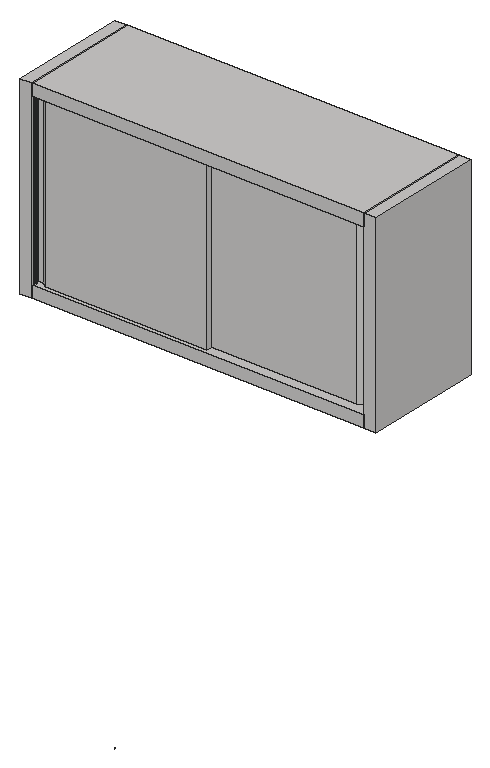
Revit family "QF_ZANUSSI_133210_PSS1200LCN", category Attrezzature speciali, Revit 2020
Family settings
  Quota connettore circolare = Usa diametro
  Tipo di parte = Normale
  Basato su piano di lavoro = No
  Sempre verticale = Sì
  Taglio con vuoti quando caricato = No
  Condiviso = No
  Punto di calcolo locali = No
Parameters (values of type "Standard")
  Weight = 29.00 kg
  Watts = 0 W
  Volts = 0 V
  URL Manufacturer = "http://www.zanussiprofessional.com"
  URL = "http://www.zanussiprofessional.com"
  Steam Supply Size = 0 mm
  Steam Supply Minimum Pressure = 0.0 Pa
  Steam Supply Maximum Pressure = 0.0 Pa
  Steam Consumption per Hour = 0
  Refrigeration Suction Line Size = 0.0 mm
  Refrigeration Liquid Line Size = 0.0 mm
  Refrigerant Compressor Remote = yes
  Prospetto di default = 0.0 mm
  Phase = 0
  Modello = "PSS1200LCN"
  Produttore = "Zanussi"
  Length Actual = 1200.0 mm  # constant formula
  Item Number = "133210"
  Hot Water Size = 0 mm
  Height Actual = 650.0 mm  # constant formula
  HP = "0 HP"
  Gas Size = 0 mm
  Gas KW = 0
  Gas Input Pressure = 0 W
  Direct Waste Size = 0 mm
  Descrizione = "WALL CUPBOARD+ PLATE RACK 2 DOORS 1200MM"
  Depth Actual = 400.0 mm  # constant formula
  Cycle = 0 Hz
  Condensate Return Size = 0 mm
  Compressed Air Volume = 0.0 L/s
  Compressed Air Size = 0 mm
  Compressed Air Pressure = 0.0 Pa
  Cold Water Size = 0 mm
  Accessory = yes
Reference planes
  plane 1 "Center (Front/Back)": y = 0
  plane 2: z = 0
  plane 3 "Center (Left/Right)": x = -300
  plane 4 "LEFT": x = -900
  plane 5 "RIGHT": x = 300
  plane 6 "BACK": y = 200
  plane 7 "FRONT": y = -200
  plane 8 "Base": z = 2200
  plane 9 "BASE": z = 1550
  plane 10: x = -860
  plane 11: x = 260
  plane 12: y = -197
  plane 13: y = 150
  plane 14: y = 197
Forms (mm)
  Extrusion 1, solid, material "QF_Finishes_Stainless Steel"
    sketch origin (0, 0, 1550) x (-1, 0, 0) y (0, -1, 0)
      loop
        line (900, -200) -> (900, 200) -> (860, 200) -> (860, -200) -> (900, -200)
      loop
        line (-260, -200) -> (-260, 200) -> (-300, 200) -> (-300, -200) -> (-260, -200)
    from 0 to 650
  Extrusion 2, solid, material "QF_Finishes_Stainless Steel"
    sketch origin (0, 0, 1550) x (-1, 0, 0) y (0, -1, 0)
      loop
        line (860, -150) -> (860, 200) -> (-260, 200) -> (-260, -150) -> (860, -150)
    from 0 to 40
  Extrusion 3, solid, material "QF_Finishes_Stainless Steel"
    sketch origin (0, 0, 0) x (1, 0, 0) y (0, 1, 0)
      loop
        line (-860, -200) -> (260, -200) -> (260, 200) -> (-860, 200) -> (-860, -200)
    from 2160 to 2200
  Extrusion 4, solid, material "QF_Finishes_Stainless Steel"
    sketch origin (0, 0, 0) x (1, 0, 0) y (0, 1, 0)
      loop
        line (-273.481, -197) -> (-273.481, -177) -> (-857, -177) -> (-857, -197) -> (-847, -197) -> (-847, -194) -> (-854, -194) -> (-854, -182) -> (-837, -182) -> (-817, -197) -> (-273.481, -197)
    from 1597 to 2160
  Extrusion 5, solid, material "QF_Finishes_Stainless Steel"
    sketch origin (0, 0, 0) x (1, 0, 0) y (0, 1, 0)
      loop
        line (-326.5, -177) -> (217, -177) -> (237, -162) -> (254, -162) -> (254, -174) -> (247, -174) -> (247, -177) -> (257, -177) -> (257, -157) -> (-326.5, -157) -> (-326.5, -177)
    from 2160 to 1597
  Extrusion 6, solid, material "QF_Finishes_Stainless Steel"
    sketch origin (0, 0, 0) x (1, 0, 0) y (0, 1, 0)
      loop
        line (-273.481, 197) -> (-817, 197) -> (-837, 182) -> (-854, 182) -> (-854, 194) -> (-847, 194) -> (-847, 197) -> (-857, 197) -> (-857, 177) -> (-273.481, 177) -> (-273.481, 197)
    from 1597 to 2160
  Extrusion 7, solid, material "QF_Finishes_Stainless Steel"
    sketch origin (0, 0, 0) x (1, 0, 0) y (0, 1, 0)
      loop
        line (-326.5, 177) -> (-326.5, 157) -> (257, 157) -> (257, 177) -> (247, 177) -> (247, 174) -> (254, 174) -> (254, 162) -> (237, 162) -> (217, 177) -> (-326.5, 177)
    from 2160 to 1597
  Extrusion 8, solid, material "QF_Finishes_Stainless Steel"
    sketch origin (0, 0, 0) x (1, 0, 0) y (0, 1, 0)
      loop
        line (-900, 200) -> (-900, 199) -> (-899, 199) -> (-899, 200) -> (-900, 200)
    from 0 to 1
Lines and regions (mm)
  symbolic lines, style "SpecialityEquipmentHiddenLines"
    curve 1: line (257, -157, 0) -> (-326.5, -157, 0)
    curve 2: line (-326.5, -157, 0) -> (-326.5, -177, 0)
    curve 3: line (217, -177, 0) -> (-857, -177, 0)
    curve 4: line (-273.5, -177, 0) -> (-273.5, -197, 0)
    curve 5: line (-857, -177, 0) -> (-857, -197, 0)
    curve 6: line (-846, -182, 0) -> (-854, -182, 0)
    curve 20: line (257, 157, 0) -> (-326.5, 157, 0)
    curve 21: line (-326.5, 157, 0) -> (-326.5, 177, 0)
    curve 22: line (217, 177, 0) -> (-857, 177, 0)
    curve 23: line (-273.5, 177, 0) -> (-273.5, 197, 0)
    curve 24: line (-857, 177, 0) -> (-857, 197, 0)
    curve 25: line (-846, 182, 0) -> (-854, 182, 0)
    curve 41: line (-817, -197, 0) -> (-273.5, -197, 0)
    curve 42: line (-857, -197, 0) -> (-847, -197, 0)
    curve 43: line (-847, 197, 0) -> (-857, 197, 0)
    curve 44: line (-817, 197, 0) -> (-273.5, 197, 0)
  symbolic lines
    curve 7: line (-900, 200, 0) -> (300, -200, 0)
    curve 8: line (300, 200, 0) -> (-900, -200, 0)
    curve 9: line (-846, -182, 0) -> (-817, -197, 0)
    curve 10: line (-854, -182, 0) -> (-854, -194, 0)
    curve 11: line (-854, -194, 0) -> (-847, -194, 0)
    curve 12: line (-847, -194, 0) -> (-847, -197, 0)
    curve 13: line (257, -157, 0) -> (257, -177, 0)
    curve 14: line (257, -177, 0) -> (247, -177, 0)
    curve 15: line (247, -177, 0) -> (247, -174, 0)
    curve 16: line (247, -174, 0) -> (254, -174, 0)
    curve 17: line (254, -174, 0) -> (254, -162, 0)
    curve 18: line (254, -162, 0) -> (237, -162, 0)
    curve 19: line (217, -177, 0) -> (237, -162, 0)
    curve 26: line (-846, 182, 0) -> (-817, 197, 0)
    curve 27: line (-854, 182, 0) -> (-854, 194, 0)
    curve 28: line (-854, 194, 0) -> (-847, 194, 0)
    curve 29: line (-847, 194, 0) -> (-847, 197, 0)
    curve 30: line (257, 157, 0) -> (257, 177, 0)
    curve 31: line (257, 177, 0) -> (247, 177, 0)
    curve 32: line (247, 177, 0) -> (247, 174, 0)
    curve 33: line (247, 174, 0) -> (254, 174, 0)
    curve 34: line (254, 174, 0) -> (254, 162, 0)
    curve 35: line (254, 162, 0) -> (237, 162, 0)
    curve 36: line (217, 177, 0) -> (237, 162, 0)
    curve 37: line (-900, 200, 0) -> (300, 200, 0)
    curve 38: line (-900, -200, 0) -> (-900, 200, 0)
    curve 39: line (300, -200, 0) -> (-900, -200, 0)
    curve 40: line (300, 200, 0) -> (300, -200, 0)
Dimensions and locks
  plane 4 "LEFT" to plane 5 "RIGHT" = 1200.0 mm
  equal spacing: plane 4 "LEFT", plane 3 "Center (Left/Right)", plane 5 "RIGHT"
  plane 6 "BACK" to plane 7 "FRONT" = 400.0 mm
  equal spacing: plane 6 "BACK", plane 1 "Center (Front/Back)", plane 7 "FRONT"
  plane 9 "BASE" to level = 1550.0 mm
  locked: plane 4 "LEFT" to plane 10 at 40
  locked: plane 11 to plane 5 "RIGHT" at 40
  plane 12 to plane 7 "FRONT" = 3.0 mm
  plane 6 "BACK" to plane 13 = 50.0 mm
  locked: plane 8 "Base" to plane 9 "BASE" at 650
  aligned and locked: level to plane 2
  aligned and locked: plane 8 "Base" to Extrusion 1
  aligned and locked: plane 6 "BACK" to Extrusion 1 sketch curve
  aligned and locked: Extrusion 1 sketch curve to plane 6 "BACK"
  aligned and locked: plane 7 "FRONT" to Extrusion 1 sketch curve
  aligned and locked: Extrusion 1 sketch curve to plane 7 "FRONT"
  aligned and locked: plane 10 to Extrusion 1
  aligned and locked: Extrusion 1 to plane 11
  aligned and locked: Extrusion 2 to plane 10
  aligned and locked: plane 11 to Extrusion 2
  aligned and locked: plane 8 "Base" to Extrusion 3
  aligned and locked: Extrusion 2 to plane 13
  aligned and locked: Extrusion 3 to plane 7 "FRONT"
  aligned and locked: Extrusion 2 to plane 7 "FRONT"
Automatic sketch dimensions
  Extrusion 1 sketch curve to plane 5 "RIGHT" = 0.0 mm
  Extrusion 1 sketch curve to plane 11 = 0.0 mm
  Extrusion 1 sketch curve to plane 10 = 0.0 mm
  Extrusion 1 sketch curve to plane 4 "LEFT" = 0.0 mm
  Extrusion 2 sketch curve to plane 11 = 0.0 mm
  Extrusion 2 sketch curve to plane 10 = 0.0 mm
  plane 13 to Extrusion 2 sketch curve = 0.0 mm
  Extrusion 2 sketch curve to plane 12 = 3.0 mm
  Extrusion 3 sketch curve to plane 10 = 0.0 mm
  Extrusion 3 sketch curve to plane 11 = 0.0 mm
  Extrusion 3 sketch curve to plane 12 = 3.0 mm
  Extrusion 3 sketch curve to plane 14 = 3.0 mm
  Extrusion 4 sketch curve to plane 12 = 0.0 mm  (x2)
  plane 10 to Extrusion 4 sketch curve = 3.0 mm
  Extrusion 4 sketch curve to Extrusion 4 sketch curve = 3.0 mm
  Extrusion 4 sketch curve to Extrusion 4 sketch curve = 7.0 mm
  Extrusion 4 sketch curve to Extrusion 4 sketch curve = 10.0 mm
  plane 3 "Center (Left/Right)" to Extrusion 4 sketch curve = 26.519 mm
  plane 12 to Extrusion 4 sketch curve = 3.0 mm
  Extrusion 4 sketch curve to Extrusion 4 sketch curve = 12.0 mm
  Extrusion 4 sketch curve to Extrusion 4 sketch curve = 20.0 mm  (x2)
  Extrusion 4 sketch curve to Extrusion 4 sketch curve = 0.0 mm
  Extrusion 5 sketch curve to plane 3 "Center (Left/Right)" = 26.5 mm
  plane 12 to Extrusion 5 sketch curve = 20.0 mm  (x2)
  Extrusion 5 sketch curve to plane 11 = 43.0 mm
  Extrusion 5 sketch curve to plane 11 = 23.0 mm
  Extrusion 5 sketch curve to plane 11 = 13.0 mm
  Extrusion 5 sketch curve to plane 11 = 6.0 mm
  Extrusion 5 sketch curve to plane 11 = 3.0 mm
  Extrusion 5 sketch curve to Extrusion 5 sketch curve = 3.0 mm
  Extrusion 5 sketch curve to Extrusion 5 sketch curve = 12.0 mm
  Extrusion 5 sketch curve to Extrusion 5 sketch curve = 20.0 mm
  plane 14 to Extrusion 6 sketch curve = 0.0 mm  (x2)
  Extrusion 6 sketch curve to plane 10 = 3.0 mm
  Extrusion 6 sketch curve to Extrusion 6 sketch curve = 3.0 mm
  Extrusion 6 sketch curve to Extrusion 6 sketch curve = 7.0 mm
  Extrusion 6 sketch curve to Extrusion 6 sketch curve = 10.0 mm
  Extrusion 6 sketch curve to plane 3 "Center (Left/Right)" = 26.519 mm
  Extrusion 6 sketch curve to plane 14 = 3.0 mm
  Extrusion 6 sketch curve to Extrusion 6 sketch curve = 12.0 mm
  Extrusion 6 sketch curve to Extrusion 6 sketch curve = 20.0 mm  (x2)
  Extrusion 6 sketch curve to Extrusion 6 sketch curve = 0.0 mm
  plane 3 "Center (Left/Right)" to Extrusion 7 sketch curve = 26.5 mm
  Extrusion 7 sketch curve to plane 14 = 20.0 mm  (x2)
  plane 11 to Extrusion 7 sketch curve = 43.0 mm
  plane 11 to Extrusion 7 sketch curve = 23.0 mm
  plane 11 to Extrusion 7 sketch curve = 13.0 mm
  plane 11 to Extrusion 7 sketch curve = 6.0 mm
  plane 11 to Extrusion 7 sketch curve = 3.0 mm
  Extrusion 7 sketch curve to Extrusion 7 sketch curve = 3.0 mm
  Extrusion 7 sketch curve to Extrusion 7 sketch curve = 12.0 mm
  plane 13 to Extrusion 7 sketch curve = 7.0 mm
  Extrusion 8 sketch curve to plane 6 "BACK" = 0.0 mm
  Extrusion 8 sketch curve to plane 4 "LEFT" = 0.0 mm
  plane 4 "LEFT" to Extrusion 8 sketch curve = 1.0 mm
  Extrusion 8 sketch curve to plane 6 "BACK" = 1.0 mm
  curve 39 to plane 4 "LEFT" = 0.0 mm
  curve 5 to plane 12 = 0.0 mm
  plane 14 to curve 24 = 0.0 mm
  curve 41 to plane 12 = 0.0 mm
  plane 14 to curve 26 = 0.0 mm
  curve 40 to plane 5 "RIGHT" = 0.0 mm
  curve 7 to plane 7 "FRONT" = 0.0 mm
  curve 7 to plane 6 "BACK" = 0.0 mm
  plane 10 to curve 24 = 3.0 mm
  plane 10 to curve 5 = 3.0 mm
  curve 24 to curve 27 = 3.0 mm
  curve 3 to curve 6 = 3.0 mm
  plane 12 to curve 12 = 3.0 mm
  curve 10 to curve 12 = 7.0 mm
  curve 27 to curve 29 = 7.0 mm
  curve 12 to curve 41 = 30.0 mm
  curve 29 to curve 26 = 30.0 mm
  curve 1 to plane 3 "Center (Left/Right)" = 26.5 mm
  curve 20 to plane 13 = 7.0 mm
  curve 20 to plane 3 "Center (Left/Right)" = 26.5 mm
  plane 3 "Center (Left/Right)" to curve 23 = 26.5 mm
  plane 3 "Center (Left/Right)" to curve 41 = 26.5 mm
  plane 12 to curve 3 = 20.0 mm
  curve 3 to plane 11 = 43.0 mm
  plane 14 to curve 36 = 20.0 mm
  curve 36 to plane 11 = 43.0 mm
  curve 36 to plane 11 = 23.0 mm
  curve 18 to plane 11 = 23.0 mm
  curve 14 to plane 11 = 13.0 mm
  curve 31 to plane 11 = 13.0 mm
  curve 34 to plane 11 = 6.0 mm
  curve 17 to plane 11 = 6.0 mm
  curve 31 to plane 11 = 3.0 mm
  curve 13 to plane 11 = 3.0 mm
  curve 6 to curve 3 = 5.0 mm
  plane 12 to curve 13 = 20.0 mm
  curve 14 to curve 16 = 3.0 mm
  curve 15 to curve 19 = 12.0 mm
  curve 2 to curve 2 = 20.0 mm
  curve 20 to curve 35 = 5.0 mm
  curve 34 to curve 33 = 12.0 mm
  curve 33 to curve 30 = 3.0 mm
  curve 22 to curve 25 = 5.0 mm
  plane 14 to curve 28 = 3.0 mm
  plane 14 to curve 26 = 15.0 mm
  plane 12 to curve 9 = 15.0 mm
